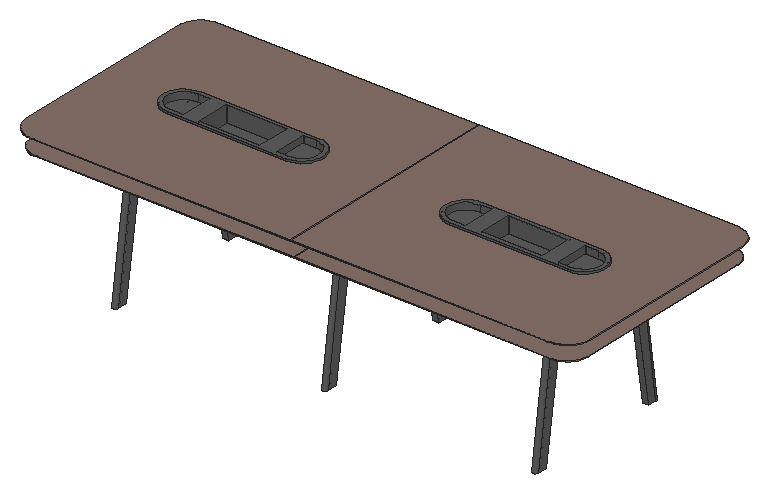
Revit family "Haworth_Immerse_StackTable_RectangleTwoPieceTop", category Furniture Systems, Revit 2018
Family settings
  Round Connector Dimension = Use Diameter
  Part Type = Normal
  OmniClass Number = 23.40.70.14.64.21
  OmniClass Title = Systems Furniture
  Work Plane-Based = No
  Always vertical = Yes
  Cut with Voids When Loaded = No
  Shared = No
  Room Calculation Point = No
Parameters (values of type "60d 144w 39h - Oblong Planter")
  Warranty = "http://www.haworth.com/resources/product-info/warranties"
  Upper Top Thickness = 1 3/16"  # constant formula
  Understucture Thickness = 3 1/2"  # constant formula
  Understructure Overall Width = 81"  # constant formula
  Understructure Finish [instance] = Haworth _ Paint _ Black
  URL - Product = "http://www.haworth.com/products/tables/collaborative/immerse"
  Top Finish [instance] = Haworth _ Wood _ Walnut
  Standard Sizes = "60d 144w"  # constant formula
  Standard Height = "39 in."  # constant formula
  Size = "Verify Final Dim. w/ Haworth"  # constant formula
  Planter Finish [instance] = Haworth _ Paint _ Black
  Oblong Planter Void Height = if(Oblong Planter, 6", 2")  # 6"
  Oblong Planter = yes
  Model = "THRA-60E4"
  URL = "https://www.haworth.com/na/en.html"
  Revision Number = "1"  # constant formula
  Manufacturer = "Haworth"  # constant formula
  Lower Top Width = Actual Width - 2"  # 142"
  Lower Top Thickness = 1/8"  # constant formula
  Lower Top Cutout Width = Understructure Overall Width - 3"  # 78"
  Lower Top Cutout Depth = 12 1/2"  # constant formula
  Leg Finish [instance] = Haworth _ Wood _ Ink On Ash
  Description = "Haworth Immerse Stack Table Rectangle Two Piece Top - 60d 144w 39h - Oblong Planter"
  Author = "Haworth (Bentzen)"  # constant formula
  Assembly Code = "E2020200"
  Actual Width = 144"  # constant formula
  Actual Height = 39"  # constant formula
  Actual Depth = 60"  # constant formula
Reference planes (in)
  plane 1 "Floor": z = 0
  plane 2 "Table Edge Left": x = -82.91
  plane 3 "Table Edge Front": y = -11.15866
  plane 4 "Table Edge Back": y = 48.84134
  plane 5: z = 39
  plane 6: z = 0
  plane 7: z = 34.69672
  plane 8: z = 39.42908
  plane 9: y = 18.84134
  plane 10: z = 38.89592
  plane 11: z = 34.57172
  plane 12: x = -63.469
  plane 13: x = -61.91
  plane 14: y = 25.09134
  plane 15: y = 12.59134
  plane 16: z = 35.57621
  plane 17: z = 41.57621
  plane 18: y = 24.10781
  plane 19: y = 13.57487
  plane 20: x = -38.835
  plane 21: x = -10.91
  plane 22: z = 38.07621
  plane 23: x = 61.09
  plane 24: y = -11.15866
  plane 25: x = 17.015
Forms (in)
  Blend 1, solid, material "Haworth _ Wood _ Walnut" <- "Top Finish"
    base sketch origin (35.18, 6, 33.64344) x (0, -1, 0) y (1, 0, 0)
      loop
        arc (-40.84134, -112) -> (-39.66977, -114.82843) -> (-36.84134, -116) r 4
        line (-36.84134, -116) -> (11.15866, -116)
        arc (11.15866, -116) -> (13.98709, -114.82843) -> (15.15866, -112) r 4
        line (15.15866, -112) -> (15.15866, -46.09) -> (-40.84134, -46.09) -> (-40.84134, -112)
    top sketch origin (35.18, 6, 29.94315) x (0, -1, 0) y (1, 0, 0)
      loop
        arc (-42.84134, -112) -> (-41.05762, -116.30628) -> (-36.75134, -118.09) r 6.09
        line (-36.75134, -118.09) -> (11.15866, -118.09)
        arc (11.15866, -118.09) -> (15.4013, -116.33264) -> (17.15866, -112.09) r 6
        line (17.15866, -112.09) -> (17.15866, -46.09) -> (-42.84134, -46.09) -> (-42.84134, -112)
    from 4.43277 to 8.95277
  Extrusion 2, solid, material "Haworth _ Wood _ Walnut" <- "Top Finish"
    sketch origin (47.09, 0, 1.5) x (1, 0, 0) y (0, 1, 0)
      loop
        arc (-124, 48.84134) -> (-128.24264, 47.08398) -> (-130, 42.84134) r 6
        line (-130, 42.84134) -> (-130, -5.15866)
        arc (-130, -5.15866) -> (-128.24264, -9.4013) -> (-124, -11.15866) r 6
        line (-124, -11.15866) -> (-58, -11.15866) -> (-58, 48.84134) -> (-124, 48.84134)
    from 37.39592 to 37.5
  Extrusion 3, solid, material "Haworth _ Paint _ Black" <- "Understructure Finish"
    sketch origin (-108.74356, 18.92741, 1.06449) x (-1, 0, 0) y (0, 0, -1)
      loop
        line (-96.88625, -37.01172) -> (-96.88625, -33.63223) -> (-98.78088, -33.63223) -> (-98.78088, -37.01172) -> (-96.88625, -37.01172)
    from -10.35193 to 10.52407
  Blend 4, solid, material "Haworth _ Wood _ Ink On Ash" <- "Leg Finish"
    base sketch origin (-26.63646, -2.51335, 30.78682) x (0, 1, 0) y (-1, 0, 0)
      loop
        line (4.90286, -16.46047) -> (4.90286, -14.91047) -> (2.64952, -14.91047)
        arc (2.64952, -14.91047) -> (1.87452, -15.68547) -> (2.64952, -16.46047) r 0.775
        line (2.64952, -16.46047) -> (4.90286, -16.46047)
    top sketch origin (-26.63646, -2.51335, 29.43395) x (0, 1, 0) y (-1, 0, 0)
      loop
        line (10.91669, -16.46052) -> (10.91669, -14.91042) -> (8.31345, -14.91042)
        arc (8.31345, -14.91042) -> (7.5384, -15.68547) -> (8.31345, -16.46052) r 0.77505
        line (8.31345, -16.46052) -> (10.91669, -16.46052)
    from -30.78682 to 8.64226
  Extrusion 5, solid, material "Haworth _ Paint _ Black" <- "Understructure Finish"
    sketch origin (-47.92254, 131.41995, 1.06449) x (0, 1, 0) y (0, 0, 1)
      loop
        line (-102.14061, 37.01172) -> (-103.69061, 37.01172) -> (-103.69061, 33.63223) -> (-102.14061, 33.63223) -> (-102.14061, 37.01172)
    from -15.67105 to 36.06522
  Extrusion 6, solid, material "Haworth _ Paint _ Black" <- "Understructure Finish"
    sketch origin (-47.92254, -93.73727, 1.06449) x (0, -1, 0) y (0, 0, -1)
      loop
        line (-102.14061, -37.01172) -> (-102.14061, -33.63223) -> (-103.69061, -33.63223) -> (-103.69061, -37.01172) -> (-102.14061, -37.01172)
    from -15.67105 to 36.06522
  Blend 7, solid, material "Haworth _ Wood _ Ink On Ash" <- "Leg Finish"
    base sketch origin (-26.63646, 40.19603, 30.78682) x (0, 1, 0) y (-1, 0, 0)
      loop
        line (-4.90286, -16.46047) -> (-2.64952, -16.46047)
        arc (-2.64952, -16.46047) -> (-1.87452, -15.68547) -> (-2.64952, -14.91047) r 0.775
        line (-2.64952, -14.91047) -> (-4.90286, -14.91047) -> (-4.90286, -16.46047)
    top sketch origin (-26.63646, 40.19603, 29.43395) x (0, 1, 0) y (-1, 0, 0)
      loop
        line (-10.91669, -16.46052) -> (-8.31345, -16.46052)
        arc (-8.31345, -16.46052) -> (-7.5384, -15.68547) -> (-8.31345, -14.91042) r 0.77505
        line (-8.31345, -14.91042) -> (-10.91669, -14.91042) -> (-10.91669, -16.46052)
    from -30.78682 to 8.64226
  Blend 8, solid, material "Haworth _ Wood _ Ink On Ash" <- "Leg Finish"
    base sketch origin (-48.81444, -2.51335, 30.78682) x (0, -1, 0) y (1, 0, 0)
      loop
        line (-4.90286, -16.46047) -> (-2.64952, -16.46047)
        arc (-2.64952, -16.46047) -> (-1.87452, -15.68547) -> (-2.64952, -14.91047) r 0.775
        line (-2.64952, -14.91047) -> (-4.90286, -14.91047) -> (-4.90286, -16.46047)
    top sketch origin (-48.81444, -2.51335, 29.43395) x (0, -1, 0) y (1, 0, 0)
      loop
        line (-10.91669, -16.46052) -> (-8.31345, -16.46052)
        arc (-8.31345, -16.46052) -> (-7.5384, -15.68547) -> (-8.31345, -14.91042) r 0.77505
        line (-8.31345, -14.91042) -> (-10.91669, -14.91042) -> (-10.91669, -16.46052)
    from -30.78682 to 8.64226
  Blend 9, solid, material "Haworth _ Wood _ Ink On Ash" <- "Leg Finish"
    base sketch origin (-48.81444, 40.19603, 30.78682) x (0, -1, 0) y (1, 0, 0)
      loop
        line (4.90286, -16.46047) -> (4.90286, -14.91047) -> (2.64952, -14.91047)
        arc (2.64952, -14.91047) -> (1.87452, -15.68547) -> (2.64952, -16.46047) r 0.775
        line (2.64952, -16.46047) -> (4.90286, -16.46047)
    top sketch origin (-48.81444, 40.19603, 29.43395) x (0, -1, 0) y (1, 0, 0)
      loop
        line (10.91669, -16.46052) -> (10.91669, -14.91042) -> (8.31345, -14.91042)
        arc (8.31345, -14.91042) -> (7.5384, -15.68547) -> (8.31345, -16.46052) r 0.77505
        line (8.31345, -16.46052) -> (10.91669, -16.46052)
    from -30.78682 to 8.64226
  Extrusion 10, solid, material "Haworth _ Wood _ Walnut" <- "Top Finish"
    sketch origin (47.09, 0, -2.815) x (1, 0, 0) y (0, 1, 0)
      loop
        line (-58, 47.84134) -> (-124, 47.84134)
        arc (-124, 47.84134) -> (-127.53553, 46.37688) -> (-129, 42.84134) r 5
        line (-129, 42.84134) -> (-129, -5.15866)
        arc (-129, -5.15866) -> (-127.53553, -8.6942) -> (-124, -10.15866) r 5
        line (-124, -10.15866) -> (-58, -10.15866) -> (-58, 47.84134)
      loop
        arc (-108, 25.09134) -> (-108.7071, 24.79845) -> (-109, 24.09134) r 1
        line (-109, 24.09134) -> (-109, 13.59134)
        arc (-109, 13.59134) -> (-108.7071, 12.88423) -> (-108, 12.59134) r 1
        line (-108, 12.59134) -> (-63.186, 12.59134)
        arc (-63.186, 12.59134) -> (-62.47889, 12.88423) -> (-62.186, 13.59134) r 1
        line (-62.186, 13.59134) -> (-62.186, 24.09134)
        arc (-62.186, 24.09134) -> (-62.47889, 24.79845) -> (-63.186, 25.09134) r 1
        line (-63.186, 25.09134) -> (-108, 25.09134)
    from 37.38672 to 37.51172
  Extrusion 11, void
    sketch origin (-12, 0, 0) x (1, 0, 0) y (0, 1, 0)
      loop
        arc (-49.70484, 24.10781) -> (-54.97131, 18.84134) -> (-49.70484, 13.57487) r 5.26647
        line (-49.70484, 13.57487) -> (-34.91, 13.57487) -> (-20.09879, 13.57487)
        arc (-20.09879, 13.57487) -> (-14.83232, 18.84134) -> (-20.09879, 24.10781) r 5.26647
        line (-20.09879, 24.10781) -> (-34.91, 24.10781) -> (-49.70484, 24.10781)
    from 37.5 to 41.57621
  Extrusion 12, solid, material "Haworth _ Paint _ Black" <- "Understructure Finish"
    sketch origin (-55.11266, 18.92741, 1.06449) x (-1, 0, 0) y (0, 0, -1)
      loop
        line (-96.88625, -37.01172) -> (-96.88625, -33.63223) -> (-98.56758, -33.63223) -> (-98.56758, -37.01172) -> (-96.88625, -37.01172)
    from -10.35193 to 10.52407
  Extrusion 13, solid, material "Haworth _ Paint _ Black" <- "Understructure Finish"
    sketch origin (26.10254, 131.41995, 1.06449) x (0, 1, 0) y (0, 0, -1)
      loop
        line (-102.14061, -37.01172) -> (-102.14061, -33.63223) -> (-103.69061, -33.63223) -> (-103.69061, -37.01172) -> (-102.14061, -37.01172)
    from -15.67105 to 36.06522
  Extrusion 14, solid, material "Haworth _ Paint _ Black" <- "Understructure Finish"
    sketch origin (26.10254, -93.73727, 1.06449) x (0, -1, 0) y (0, 0, 1)
      loop
        line (-102.14061, 37.01172) -> (-103.69061, 37.01172) -> (-103.69061, 33.63223) -> (-102.14061, 33.63223) -> (-102.14061, 37.01172)
    from -15.67105 to 36.06522
  Blend 15, solid, material "Haworth _ Wood _ Ink On Ash" <- "Leg Finish"
    base sketch origin (26.99444, -2.51335, 30.78682) x (0, 1, 0) y (-1, 0, 0)
      loop
        line (4.90286, -16.46047) -> (4.90286, -14.91047) -> (2.64952, -14.91047)
        arc (2.64952, -14.91047) -> (1.87452, -15.68547) -> (2.64952, -16.46047) r 0.775
        line (2.64952, -16.46047) -> (4.90286, -16.46047)
    top sketch origin (26.99444, -2.51335, 29.43395) x (0, 1, 0) y (-1, 0, 0)
      loop
        line (10.91669, -16.46052) -> (10.91669, -14.91042) -> (8.31345, -14.91042)
        arc (8.31345, -14.91042) -> (7.5384, -15.68547) -> (8.31345, -16.46052) r 0.77505
        line (8.31345, -16.46052) -> (10.91669, -16.46052)
    from -30.78682 to 8.64226
  Blend 16, solid, material "Haworth _ Wood _ Ink On Ash" <- "Leg Finish"
    base sketch origin (26.99444, 40.19603, 30.78682) x (0, 1, 0) y (-1, 0, 0)
      loop
        line (-4.90286, -16.46047) -> (-2.64952, -16.46047)
        arc (-2.64952, -16.46047) -> (-1.87452, -15.68547) -> (-2.64952, -14.91047) r 0.775
        line (-2.64952, -14.91047) -> (-4.90286, -14.91047) -> (-4.90286, -16.46047)
    top sketch origin (26.99444, 40.19603, 29.43395) x (0, 1, 0) y (-1, 0, 0)
      loop
        line (-10.91669, -16.46052) -> (-8.31345, -16.46052)
        arc (-8.31345, -16.46052) -> (-7.5384, -15.68547) -> (-8.31345, -14.91042) r 0.77505
        line (-8.31345, -14.91042) -> (-10.91669, -14.91042) -> (-10.91669, -16.46052)
    from -30.78682 to 8.64226
  Extrusion 17, void
    sketch origin (-9.82, 0, 0) x (-1, 0, 0) y (0, -1, 0)
      loop
        line (-49.70484, -24.10781) -> (-34.91, -24.10781) -> (-20.09879, -24.10781)
        arc (-20.09879, -24.10781) -> (-14.83232, -18.84134) -> (-20.09879, -13.57487) r 5.26647
        line (-20.09879, -13.57487) -> (-34.91, -13.57487) -> (-49.70484, -13.57487)
        arc (-49.70484, -13.57487) -> (-54.97131, -18.84134) -> (-49.70484, -24.10781) r 5.26647
    from 37.5 to 41.57621
  Extrusion 18, solid, material "Haworth _ Wood _ Walnut" <- "Top Finish"
    sketch origin (-68.90999, 0, -2.815) x (-1, 0, 0) y (0, -1, 0)
      loop
        line (-58, -47.84134) -> (-58, 10.15866) -> (-124, 10.15866)
        arc (-124, 10.15866) -> (-127.53553, 8.6942) -> (-129, 5.15866) r 5
        line (-129, 5.15866) -> (-129, -42.84134)
        arc (-129, -42.84134) -> (-127.53553, -46.37688) -> (-124, -47.84134) r 5
        line (-124, -47.84134) -> (-58, -47.84134)
      loop
        line (-108, -25.09134) -> (-63.186, -25.09134)
        arc (-63.186, -25.09134) -> (-62.47889, -24.79845) -> (-62.186, -24.09134) r 1
        line (-62.186, -24.09134) -> (-62.186, -13.59134)
        arc (-62.186, -13.59134) -> (-62.47889, -12.88423) -> (-63.186, -12.59134) r 1
        line (-63.186, -12.59134) -> (-108, -12.59134)
        arc (-108, -12.59134) -> (-108.7071, -12.88423) -> (-109, -13.59134) r 1
        line (-109, -13.59134) -> (-109, -24.09134)
        arc (-109, -24.09134) -> (-108.7071, -24.79845) -> (-108, -25.09134) r 1
    from 37.38672 to 37.51172
  Extrusion 19, solid, material "Haworth _ Paint _ Black" <- "Understructure Finish"
    sketch origin (33.29267, 18.92741, 1.06449) x (1, 0, 0) y (0, 0, 1)
      loop
        line (-96.88625, 37.01172) -> (-98.56758, 37.01172) -> (-98.56758, 33.63223) -> (-96.88625, 33.63223) -> (-96.88625, 37.01172)
    from -10.35193 to 10.52407
  Blend 20, solid, material "Haworth _ Wood _ Walnut" <- "Top Finish"
    base sketch origin (-57, 6, 33.64344) x (0, 1, 0) y (-1, 0, 0)
      loop
        line (40.84134, -112) -> (40.84134, -46.09) -> (-15.15866, -46.09) -> (-15.15866, -112)
        arc (-15.15866, -112) -> (-13.98709, -114.82843) -> (-11.15866, -116) r 4
        line (-11.15866, -116) -> (36.84134, -116)
        arc (36.84134, -116) -> (39.66977, -114.82843) -> (40.84134, -112) r 4
    top sketch origin (-57, 6, 29.94315) x (0, 1, 0) y (-1, 0, 0)
      loop
        line (42.84134, -112) -> (42.84134, -46.09) -> (-17.15866, -46.09) -> (-17.15866, -112.09)
        arc (-17.15866, -112.09) -> (-15.4013, -116.33264) -> (-11.15866, -118.09) r 6
        line (-11.15866, -118.09) -> (36.75134, -118.09)
        arc (36.75134, -118.09) -> (41.05762, -116.30628) -> (42.84134, -112) r 6.09
    from 4.43277 to 8.95277
  Extrusion 21, solid, material "Haworth _ Wood _ Walnut" <- "Top Finish"
    sketch origin (-68.91, 0, 1.5) x (-1, 0, 0) y (0, -1, 0)
      loop
        line (-124, -48.84134) -> (-58, -48.84134) -> (-58, 11.15866) -> (-124, 11.15866)
        arc (-124, 11.15866) -> (-128.24264, 9.4013) -> (-130, 5.15866) r 6
        line (-130, 5.15866) -> (-130, -42.84134)
        arc (-130, -42.84134) -> (-128.24264, -47.08398) -> (-124, -48.84134) r 6
    from 37.39592 to 37.5
Cuts and joins
  Extrusion 11, Extrusion 17 cuts Blend 1
  Extrusion 11, Extrusion 17 cuts Extrusion 2
  Extrusion 17 cuts Extrusion 10
  Extrusion 17 cuts Extrusion 21
  Extrusion 17 cuts Blend 20
  Extrusion 11 cuts Extrusion 19
  Extrusion 17 cuts Extrusion 12
Lines and regions (in)
  Masking region 1
    outline origin (-108.36491, 60, 0) x (1, 0, 0) y (0, 1, 0)
      loop
        arc (31.45492, -11.15866) -> (27.21228, -12.91602) -> (25.45492, -17.15866) r 6
        line (25.45492, -17.15866) -> (25.45492, -65.15866)
        arc (25.45492, -65.15866) -> (27.21228, -69.4013) -> (31.45492, -71.15866) r 6
        line (31.45492, -71.15866) -> (163.45492, -71.15866)
        arc (163.45492, -71.15866) -> (167.69756, -69.4013) -> (169.45492, -65.15866) r 6
        line (169.45492, -65.15866) -> (169.45492, -17.15866)
        arc (169.45492, -17.15866) -> (167.69756, -12.91602) -> (163.45492, -11.15866) r 6
        line (163.45492, -11.15866) -> (31.45492, -11.15866)
  symbolic lines, style "Haworth Hidden", detail levels fine
    curve 1: line (-65.27694, 37.52451, 0) -> (-65.27694, 29.39898, 0)
    curve 2: line (-63.72554, 29.27934, 0) -> (-63.72554, 37.52451, 0)
    curve 3: line (-65.27694, 0.12115, 0) -> (-65.27694, 8.2837, 0)
    curve 4: line (-63.72501, 8.40334, 0) -> (-63.72501, 0.12115, 0)
    curve 5: line (-10.17594, 37.52934, 0) -> (-10.17594, 29.27934, 0)
    curve 6: line (-11.72604, 29.27934, 0) -> (-11.72604, 37.52934, 0)
    curve 7: line (-10.17594, 0.13342, 0) -> (-10.17594, 8.40334, 0)
    curve 8: line (-11.72604, 8.40334, 0) -> (-11.72604, 0.15334, 0)
    curve 9: line (-65.27694, 29.39898, 0) -> (-65.27694, 8.2837, 0)
    curve 10: line (-63.72501, 8.40334, 0) -> (-11.72604, 8.40334, 0)
    curve 11: line (-11.72604, 29.27934, 0) -> (-63.72554, 29.27934, 0)
    curve 12: line (-63.59358, 27.72934, 0) -> (-63.59358, 9.95334, 0)
    curve 13: line (-63.59358, 9.95334, 0) -> (-11.85731, 9.95334, 0)
    curve 14: line (-11.85731, 9.95334, 0) -> (-11.85731, 27.72934, 0)
    curve 15: line (-11.85731, 27.72934, 0) -> (-63.59358, 27.72934, 0)
    curve 16: line (43.45646, 37.5575, 0) -> (43.45646, 29.39898, 0)
    curve 17: line (41.9046, 29.27934, 0) -> (41.9046, 37.5575, 0)
    curve 18: line (43.45646, 0.11739, 0) -> (43.45646, 8.2837, 0)
    curve 19: line (41.90637, 8.40334, 0) -> (41.90637, 0.11739, 0)
    curve 20: line (43.45646, 29.39898, 0) -> (43.45646, 8.2837, 0)
    curve 21: line (41.90637, 8.40334, 0) -> (-10.17594, 8.40334, 0)
    curve 22: line (-10.17594, 29.27934, 0) -> (41.9046, 29.27934, 0)
    curve 23: line (41.77359, 27.72934, 0) -> (41.77359, 9.95334, 0)
    curve 24: line (41.77359, 9.95334, 0) -> (-9.96268, 9.95334, 0)
    curve 25: line (-9.96268, 27.72934, 0) -> (41.77359, 27.72934, 0)
    curve 26: line (-9.96268, 9.95334, 0) -> (-9.96268, 27.72934, 0)
    curve 27: arc (-11.72604, 37.52934, 0) -> (-10.95099, 38.30439, 0) -> (-10.17594, 37.52934, 0) r 0.77505
    curve 28: arc (-11.72599, 0.13617, 0) -> (-10.95099, -0.63883, 0) -> (-10.17599, 0.13617, 0) r 0.775
    curve 29: arc (41.9046, 37.5575, 0) -> (42.68053, 38.33343, 0) -> (43.45646, 37.5575, 0) r 0.77593
    curve 30: arc (41.90637, 0.11739, 0) -> (42.68142, -0.65765, 0) -> (43.45646, 0.11739, 0) r 0.77504
    curve 31: arc (-65.27694, 37.52451, 0) -> (-64.50124, 38.30022, 0) -> (-63.72554, 37.52451, 0) r 0.7757
    curve 32: arc (-65.27694, 0.12115, 0) -> (-64.50098, -0.65481, 0) -> (-63.72501, 0.12115, 0) r 0.77596
Dimensions and locks (in)
  plane 7 to plane 6 = 34.69672"
  plane 5 to plane 6 = 39"  (x2)
  plane 8 to plane 7 = 4.73236"
  "Lower Top Thickness": plane 7 to plane 11
  plane 17 to plane 16 = 6"
  aligned and locked: plane 5 to Extrusion 2
  aligned and locked: nested 1 to plane 5
  aligned and locked: Extrusion 6 to plane 7
  aligned and locked: Extrusion 5 to plane 7
  aligned and locked: Extrusion 3 to plane 7
  aligned and locked: plane 7 to Extrusion 10
  aligned and locked: Extrusion 10 to plane 11
  aligned and locked: Extrusion 2 to plane 2 "Table Edge Left"
  aligned and locked: Extrusion 2 to plane 10
  aligned and locked: curve 14 to Extrusion 3
  aligned and locked: Extrusion 11 to plane 17
  aligned and locked: Extrusion 17 to plane 17
Automatic sketch dimensions
  plane 12 to curve 1 = 1.80794"
  curve 31 to curve 31 = 0.7757"
  curve 3 to curve 32 = 0.77596"
  plane 12 to curve 13 = 0.12458"
  curve 15 to plane 21 = 0.94732"
  curve 10 to plane 21 = 0.81604"
  curve 11 to plane 21 = 0.81604"
  curve 28 to plane 21 = 0.04099"
  curve 27 to plane 21 = 0.04099"
  plane 21 to curve 21 = 0.73406"
  plane 21 to curve 26 = 0.94732"
  plane 14 to curve 25 = 2.638"
  curve 25 to plane 23 = 19 81/256"
  curve 23 to curve 17 = 0.13101"
  curve 23 to curve 19 = 0.13278"
  curve 29 to curve 29 = 0.77593"
  plane 15 to curve 26 = 2.638"
  plane 15 to curve 13 = 2.638"
  curve 21 to curve 24 = 1.55"
  curve 10 to curve 12 = 1.55"
  curve 20 to curve 19 = 0.11964"
  curve 3 to curve 4 = 0.11964"
  curve 28 to curve 7 = 8.26717"
  curve 32 to curve 3 = 8.16255"
  curve 30 to curve 18 = 8.16631"
  plane 14 to curve 15 = 2.638"
  curve 23 to curve 22 = 1.55"
  curve 12 to curve 2 = 1.55"
  curve 17 to curve 20 = 0.11964"
  curve 2 to curve 9 = 0.11964"
  curve 1 to curve 31 = 8.12553"
  curve 5 to curve 5 = 8 1/4"
  curve 17 to curve 17 = 8.27816"
  curve 8 to curve 28 = 0.00005"
  curve 28 to curve 8 = 0.01717"
  curve 7 to curve 28 = 0.00275"
  Blend 1 sketch curve to plane 21 = 0"  (x2)
  Blend 1 sketch curve to plane 4 "Table Edge Back" = 2"
  Blend 1 sketch curve to Blend 1 sketch curve = 4"
  plane 2 "Table Edge Left" to Blend 1 sketch curve = 2.09"
  plane 3 "Table Edge Front" to Blend 1 sketch curve = 6"  (x2)
  plane 3 "Table Edge Front" to Blend 1 sketch curve = 2"
  Blend 1 sketch curve to plane 4 "Table Edge Back" = 0"
  Blend 1 sketch curve to plane 2 "Table Edge Left" = 0"
  Blend 1 sketch curve to plane 3 "Table Edge Front" = 0"
  plane 2 "Table Edge Left" to Blend 1 sketch curve = 6.09"
  Extrusion 2 sketch curve to plane 2 "Table Edge Left" = 0"
  Extrusion 2 sketch curve to plane 4 "Table Edge Back" = 0"
  Extrusion 2 sketch curve to plane 3 "Table Edge Front" = 0"
  Extrusion 2 sketch curve to plane 21 = 0"
  plane 2 "Table Edge Left" to Extrusion 2 sketch curve = 6"  (x2)
  Extrusion 3 sketch curve to plane 22 = 0"
  Extrusion 3 sketch curve to plane 7 = 0"
  plane 21 to Extrusion 3 sketch curve = 0.94732"
  Extrusion 3 sketch curve to plane 21 = 0.94732"
  plane 21 to Blend 4 sketch curve = 0.73401"
  plane 3 "Table Edge Front" to Blend 4 sketch curve = 11.29483"
  Blend 4 sketch curve to Blend 4 sketch curve = 2.25334"
  Blend 4 sketch curve to plane 21 = 0.04099"  (x2)
  plane 21 to Blend 4 sketch curve = 0.73406"
  plane 15 to Blend 4 sketch curve = 6.79124"
  Blend 4 sketch curve to Blend 4 sketch curve = 2.60324"
  plane 22 to Extrusion 5 sketch curve = 0"
  plane 7 to Extrusion 5 sketch curve = 0"
  plane 14 to Extrusion 5 sketch curve = 2.638"
  Extrusion 5 sketch curve to Extrusion 5 sketch curve = 1.55"
  plane 22 to Extrusion 6 sketch curve = 0"
  plane 7 to Extrusion 6 sketch curve = 0"
  plane 15 to Extrusion 6 sketch curve = 2.638"
  Extrusion 6 sketch curve to Extrusion 6 sketch curve = 1.55"
  plane 21 to Blend 7 sketch curve = 0.73401"
  plane 14 to Blend 7 sketch curve = 10.20183"
  Blend 7 sketch curve to Blend 7 sketch curve = 2.25334"
  Blend 7 sketch curve to plane 21 = 0.04099"  (x2)
  plane 21 to Blend 7 sketch curve = 0.73406"
  plane 14 to Blend 7 sketch curve = 4.188"
  Blend 7 sketch curve to Blend 7 sketch curve = 2.60324"
  plane 12 to Blend 8 sketch curve = 1.80591"
  plane 15 to Blend 8 sketch curve = 10.20183"
  Blend 8 sketch curve to Blend 8 sketch curve = 2.25334"
  Blend 8 sketch curve to Blend 8 sketch curve = 0.775"
  plane 12 to Blend 8 sketch curve = 1.80596"
  plane 15 to Blend 8 sketch curve = 4.188"
  Blend 8 sketch curve to Blend 8 sketch curve = 2.60324"
  Blend 8 sketch curve to Blend 8 sketch curve = 0.77505"
  plane 12 to Blend 9 sketch curve = 1.80591"
  Blend 9 sketch curve to plane 4 "Table Edge Back" = 11.29483"
  Blend 9 sketch curve to Blend 9 sketch curve = 2.25334"
  Blend 9 sketch curve to Blend 9 sketch curve = 0.775"
  plane 12 to Blend 9 sketch curve = 1.80596"
  plane 14 to Blend 9 sketch curve = 6.79124"
  Blend 9 sketch curve to Blend 9 sketch curve = 2.60324"
  Blend 9 sketch curve to Blend 9 sketch curve = 0.77505"
  Extrusion 10 sketch curve to plane 13 = 0"
  Extrusion 10 sketch curve to plane 14 = 0"
  plane 15 to Extrusion 10 sketch curve = 0"
  Extrusion 10 sketch curve to plane 21 = 0"
  plane 3 "Table Edge Front" to Extrusion 10 sketch curve = 1"
  plane 2 "Table Edge Left" to Extrusion 10 sketch curve = 6"  (x2)
  Extrusion 10 sketch curve to plane 4 "Table Edge Back" = 1"
  plane 2 "Table Edge Left" to Extrusion 10 sketch curve = 1"
  Extrusion 10 sketch curve to plane 19 = 0.01647"  (x2)
  Extrusion 10 sketch curve to plane 18 = 0.01647"
  Extrusion 10 sketch curve to plane 21 = 5.186"
  Extrusion 10 sketch curve to Extrusion 10 sketch curve = 1"
  Masking region 1 sketch curve to plane 2 "Table Edge Left" = 0"
  Masking region 1 sketch curve to plane 4 "Table Edge Back" = 0"
  Masking region 1 sketch curve to plane 3 "Table Edge Front" = 0"
  Masking region 1 sketch curve to plane 23 = 0"
  Masking region 1 sketch curve to Masking region 1 sketch curve = 6"  (x2)
  Masking region 1 sketch curve to plane 23 = 6"  (x2)
  Extrusion 11 sketch curve to plane 18 = 0"
  Extrusion 11 sketch curve to plane 19 = 0"
  plane 13 to Extrusion 11 sketch curve = 0.20516"
  Extrusion 11 sketch curve to Extrusion 11 sketch curve = 14.79484"
  Extrusion 11 sketch curve to Extrusion 11 sketch curve = 0"
  Extrusion 11 sketch curve to Extrusion 11 sketch curve = 14.8112"
  Extrusion 12 sketch curve to plane 22 = 0"
  Extrusion 12 sketch curve to plane 7 = 0"
  Extrusion 12 sketch curve to plane 23 = 17.63509"
  Extrusion 12 sketch curve to Extrusion 12 sketch curve = 1.68133"
  plane 22 to Extrusion 13 sketch curve = 0"
  Extrusion 13 sketch curve to plane 7 = 0"
  plane 14 to Extrusion 13 sketch curve = 2.638"
  Extrusion 13 sketch curve to Extrusion 13 sketch curve = 1.55"
  plane 22 to Extrusion 14 sketch curve = 0"
  Extrusion 14 sketch curve to plane 7 = 0"
  plane 15 to Extrusion 14 sketch curve = 2.638"
  Extrusion 14 sketch curve to Extrusion 14 sketch curve = 1.55"
  plane 3 "Table Edge Front" to Blend 15 sketch curve = 11.29483"
  Blend 15 sketch curve to Blend 15 sketch curve = 2.25334"
  Blend 15 sketch curve to plane 23 = 17.63509"
  Blend 15 sketch curve to Blend 15 sketch curve = 0.775"
  plane 15 to Blend 15 sketch curve = 6.79124"
  Blend 15 sketch curve to Blend 15 sketch curve = 2.60324"
  Blend 15 sketch curve to plane 23 = 17.63504"
  Blend 15 sketch curve to Blend 15 sketch curve = 0.77505"
  plane 14 to Blend 16 sketch curve = 10.20183"
  Blend 16 sketch curve to Blend 16 sketch curve = 2.25334"
  Blend 16 sketch curve to plane 23 = 17.63509"
  Blend 16 sketch curve to Blend 16 sketch curve = 0.775"
  plane 14 to Blend 16 sketch curve = 4.188"
  Blend 16 sketch curve to Blend 16 sketch curve = 2.60324"
  Blend 16 sketch curve to plane 23 = 17.63504"
  Blend 16 sketch curve to Blend 16 sketch curve = 0.77505"
  plane 18 to Extrusion 17 sketch curve = 0"
  plane 19 to Extrusion 17 sketch curve = 0"
  plane 23 to Extrusion 17 sketch curve = 21.20516"
  Extrusion 17 sketch curve to Extrusion 17 sketch curve = 14.79484"
  Extrusion 17 sketch curve to Extrusion 17 sketch curve = 0"
  Extrusion 17 sketch curve to Extrusion 17 sketch curve = 14.8112"
  plane 14 to Extrusion 18 sketch curve = 0"
  plane 15 to Extrusion 18 sketch curve = 0"
  Extrusion 18 sketch curve to plane 21 = 0"
  Extrusion 18 sketch curve to plane 19 = 0.01647"
  plane 21 to Extrusion 18 sketch curve = 4.186"
  Extrusion 18 sketch curve to plane 18 = 0.01647"  (x2)
  Extrusion 18 sketch curve to plane 23 = 22"
  Extrusion 18 sketch curve to Extrusion 18 sketch curve = 0"
  plane 3 "Table Edge Front" to Extrusion 18 sketch curve = 1"
  Extrusion 18 sketch curve to plane 23 = 6"  (x2)
  Extrusion 18 sketch curve to plane 4 "Table Edge Back" = 1"
  Extrusion 18 sketch curve to plane 23 = 1"
  Extrusion 19 sketch curve to plane 22 = 0"
  Extrusion 19 sketch curve to plane 7 = 0"
  plane 12 to Extrusion 19 sketch curve = 1.80591"
  plane 12 to Extrusion 19 sketch curve = 0.12458"
  Blend 20 sketch curve to plane 21 = 0"  (x2)
  plane 3 "Table Edge Front" to Blend 20 sketch curve = 2"
  Blend 20 sketch curve to plane 23 = 2.09"
  Blend 20 sketch curve to Blend 20 sketch curve = 4"
  Blend 20 sketch curve to plane 4 "Table Edge Back" = 6"
  Blend 20 sketch curve to plane 4 "Table Edge Back" = 2"
  Blend 20 sketch curve to plane 3 "Table Edge Front" = 0"
  Blend 20 sketch curve to plane 23 = 0"
  Blend 20 sketch curve to plane 4 "Table Edge Back" = 0"
  plane 3 "Table Edge Front" to Blend 20 sketch curve = 6"
  Blend 20 sketch curve to Blend 20 sketch curve = 6.09"
  Extrusion 21 sketch curve to plane 23 = 0"
  Extrusion 21 sketch curve to plane 4 "Table Edge Back" = 0"
  Extrusion 21 sketch curve to plane 3 "Table Edge Front" = 0"
  Extrusion 21 sketch curve to plane 21 = 0"
  Extrusion 21 sketch curve to plane 4 "Table Edge Back" = 6"
  Extrusion 21 sketch curve to Extrusion 21 sketch curve = 6"
Nested families (in)
  nested 1: "Haworth_Immerse_Planter_Oblong" at (-6.41, 30, 9.50002), Planter Finish <- "Planter Finish", type "EHPO"
    with Planter Finish Haworth _ Paint _ Black
  nested 2: "Haworth_Immerse_Planter_Oblong" at (-15.41, 30, 9.50002) x (-1, 0, 0) z (0, 0, 1), Planter Finish <- "Planter Finish", type "EHPO"
    with Planter Finish Haworth _ Paint _ Black
Definition of nested family "Haworth_Immerse_Planter_Oblong"
  Parameters
    Warranty = "http://www.haworth.com/product-info/warranties"
    URL - Product = "http://www.haworth.com/products/tables/collaborative/immerse"
    Planter Finish [instance] = none
    Model = "EHPO"
    URL = "http://www.haworth.com/"
    Revision Number = "1"  # constant formula
    Manufacturer = "Haworth"  # constant formula
    Description = "Haworth Immerse Planter Oblong"
    Author = "Haworth (Hampton)"  # constant formula
    Assembly Code = "E2020200"
  Reference planes (in)
    plane 1 "Floor": z = 0
    plane 2 "Center L/R": x = -40.5
    plane 3 "Center": y = -11.15866
    plane 4 "Surface Top": z = 29.49998
    plane 5 "Side Bottom": z = 27.99998
    plane 6: x = -60.875
    plane 7: x = -20.125
    plane 8: y = -5.88828
    plane 9: y = -16.42904
    plane 10 "Center Bottom": z = 25.548
    plane 11 "Planter Top": z = 30.24998
  Forms (in)
    Extrusion 1, solid, material <- "Planter Finish"
      sketch origin (0, 0, 35.87445) x (0, -1, 0) y (1, 0, 0)
        loop
          line (5.88828, -25.4095) -> (5.88828, -55.5905)
          arc (5.88828, -55.5905) -> (11.15866, -60.86088) -> (16.42904, -55.5905) r 5.27038
          line (16.42904, -55.5905) -> (16.42904, -25.4095)
          arc (16.42904, -25.4095) -> (11.15866, -20.13912) -> (5.88828, -25.4095) r 5.27038
      from -6.37446 to -5.93901
    Extrusion 2, solid, material <- "Planter Finish"
      sketch origin (0, 0, 35.87445) x (0, -1, 0) y (1, 0, 0)
        loop
          arc (15.3122, -29.08454) -> (15.75414, -28.90148) -> (15.9372, -28.45954) r 0.625
          line (15.9372, -28.45954) -> (15.9372, -25.41)
          arc (15.9372, -25.41) -> (11.15866, -20.63146) -> (6.38012, -25.41) r 4.77854
          line (6.38012, -25.41) -> (6.38012, -28.45954)
          arc (6.38012, -28.45954) -> (6.56318, -28.90148) -> (7.00512, -29.08454) r 0.625
          line (7.00512, -29.08454) -> (15.3122, -29.08454)
        loop
          line (15.3122, -51.91546) -> (7.00512, -51.91546)
          arc (7.00512, -51.91546) -> (6.56318, -52.09852) -> (6.38012, -52.54046) r 0.625
          line (6.38012, -52.54046) -> (6.38012, -55.59)
          arc (6.38012, -55.59) -> (11.15866, -60.36854) -> (15.9372, -55.59) r 4.77854
          line (15.9372, -55.59) -> (15.9372, -52.54046)
          arc (15.9372, -52.54046) -> (15.75414, -52.09852) -> (15.3122, -51.91546) r 0.625
      from -7.87446 to -6.37446
    Extrusion 3, solid, material <- "Planter Finish"
      sketch origin (0, 0, 35.87445) x (0, -1, 0) y (1, 0, 0)
        loop
          line (15.9372, -48.21154) -> (15.9372, -32.78846)
          arc (15.9372, -32.78846) -> (15.75414, -32.34652) -> (15.3122, -32.16346) r 0.625
          line (15.3122, -32.16346) -> (7.00512, -32.16346)
          arc (7.00512, -32.16346) -> (6.56318, -32.34652) -> (6.38012, -32.78846) r 0.625
          line (6.38012, -32.78846) -> (6.38012, -48.21154)
          arc (6.38012, -48.21154) -> (6.56318, -48.65348) -> (7.00512, -48.83654) r 0.625
          line (7.00512, -48.83654) -> (15.3122, -48.83654)
          arc (15.3122, -48.83654) -> (15.75414, -48.65348) -> (15.9372, -48.21154) r 0.625
      from -10.32645 to -6.37446
    Extrusion 4, void
      sketch origin (0, 0, 35.87445) x (0, -1, 0) y (1, 0, 0)
        loop
          arc (7.00512, -52.41546) -> (6.91673, -52.45207) -> (6.88012, -52.54046) r 0.125
          line (6.88012, -52.54046) -> (6.88012, -55.59)
          arc (6.88012, -55.59) -> (11.15866, -59.86854) -> (15.4372, -55.59) r 4.27854
          line (15.4372, -55.59) -> (15.4372, -52.54046)
          arc (15.4372, -52.54046) -> (15.40059, -52.45207) -> (15.3122, -52.41546) r 0.125
          line (15.3122, -52.41546) -> (7.00512, -52.41546)
        loop
          line (7.00512, -28.58454) -> (15.3122, -28.58454)
          arc (15.3122, -28.58454) -> (15.40059, -28.54793) -> (15.4372, -28.45954) r 0.125
          line (15.4372, -28.45954) -> (15.4372, -25.41)
          arc (15.4372, -25.41) -> (11.15866, -21.13146) -> (6.88012, -25.41) r 4.27854
          line (6.88012, -25.41) -> (6.88012, -28.45954)
          arc (6.88012, -28.45954) -> (6.91673, -28.54793) -> (7.00512, -28.58454) r 0.125
      from -7.67122 to -5.62446
    Extrusion 5, void
      sketch origin (0, 0, 35.87445) x (0, -1, 0) y (1, 0, 0)
        loop
          arc (15.4372, -32.78846) -> (15.40059, -32.70007) -> (15.3122, -32.66346) r 0.125
          line (15.3122, -32.66346) -> (7.00512, -32.66346)
          arc (7.00512, -32.66346) -> (6.91673, -32.70007) -> (6.88012, -32.78846) r 0.125
          line (6.88012, -32.78846) -> (6.88012, -48.21154)
          arc (6.88012, -48.21154) -> (6.91673, -48.29993) -> (7.00512, -48.33654) r 0.125
          line (7.00512, -48.33654) -> (15.3122, -48.33654)
          arc (15.3122, -48.33654) -> (15.40059, -48.29993) -> (15.4372, -48.21154) r 0.125
          line (15.4372, -48.21154) -> (15.4372, -32.78846)
      from -10.07019 to -5.62446
  Cuts and joins
    Extrusion 4, Extrusion 5 cuts Extrusion 1
    Extrusion 4 cuts Extrusion 2
    Extrusion 5 cuts Extrusion 3
    joined: Extrusion 1, Extrusion 2, Extrusion 3
  Lines and regions (in)
    Masking region 1
      outline origin (0, 0, 35.87445) x (0, -1, 0) y (1, 0, 0)
        loop
          arc (5.88828, -55.5905) -> (11.15866, -60.86088) -> (16.42904, -55.5905) r 5.27038
          line (16.42904, -55.5905) -> (16.42904, -25.4095)
          arc (16.42904, -25.4095) -> (11.15866, -20.13912) -> (5.88828, -25.4095) r 5.27038
          line (5.88828, -25.4095) -> (5.88828, -55.5905)
  Dimensions and locks (in)
    aligned and locked: plane 4 "Surface Top" to Extrusion 1
    aligned and locked: Extrusion 2 to plane 5 "Side Bottom"
    aligned and locked: Extrusion 2 to plane 4 "Surface Top"
    aligned and locked: plane 10 "Center Bottom" to Extrusion 3
    aligned and locked: Extrusion 3 to plane 4 "Surface Top"
    aligned and locked: Extrusion 4 to plane 11 "Planter Top"
